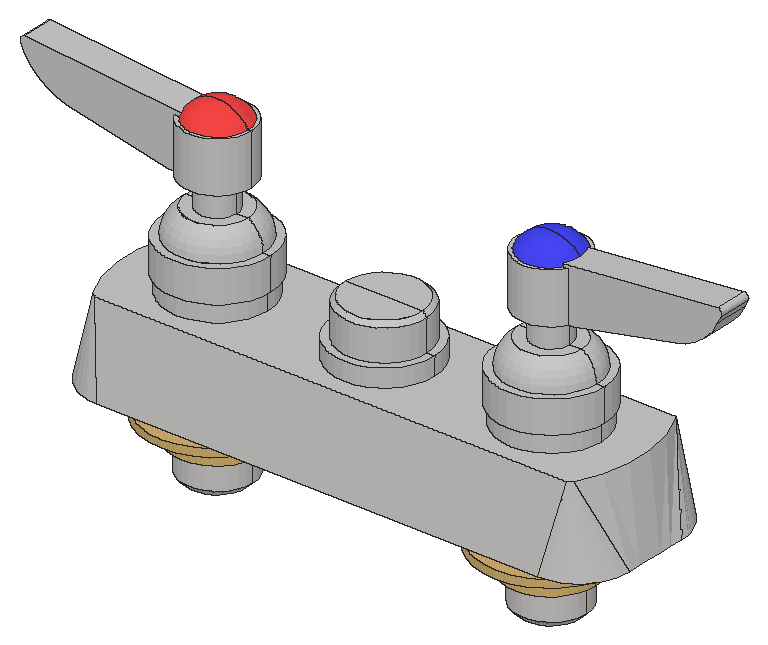
Revit family "QF_T&S_B-1110-LN", category Specialty Equipment, Revit 2012
Parameters
  Weight in Pounds = 0
  Watermarked By = "http://revitwatermark.com"
  Water Supply Radius = 1/4"  # constant formula
  URL Cutsheet = ""
  URL = "http://www.tsbrass.com/"
  Specification by User = ""
  Specification by Manufacturer = ""
  Serial Number = ""
  Seismic Rating = ""
  SMACNA No = ""
  Revision Code = ""
  Product Page URL = "http://www.tsbrass.com/index.cfm?page=SearchProduct&ID=609"
  Product Documentation Link = ""
  Plumbing Remarks = "Pressure: 20 - 125 psi, Temperature: 40 °F - 140 °F, Flow Rate: 11.90 GPM @ 60 psi. Outlet device &/or final configuration may reduce flow rate."
  NAFEM Spec ID Number = ""
  Model = "B-1110-LN"  # constant formula
  Masterspec = ""
  Manufacturer Phone = ""
  Manufacturer Fax = ""
  Manufacturer Email = ""
  Manufacturer Address = ""
  Manufacturer = "T&S Brass and Bronze Works, Inc."  # constant formula
  Item Number = ""
  Installed By = ""
  Identify Quantity as Lot = yes
  Hot Water Temperature = 140 °F
  Hot Water Size = Water Supply Radius * 2  # 1/2"
  Hot Water RI Height = 0"
  Hot Water Minimum Pressure = 20.00 psi
  Hot Water Maximum Pressure = 125.00 psi
  Hot Water Inlet Flow = 11.90 GPM
  Hot Water Flow = Hot Water Inlet Flow  # 11.90 GPM
  Hot Water Consumption = Hot Water Inlet Flow  # 11.90 GPM
  Hot Water Connection Height = 0"
  Furnished By = ""
  Foodservice Equipment Identifier = yes
  Faucet Material [instance] = QF_Metal-Stainless-Polished
  Description = "4'' Deck Mount Workboard Faucet, Lever Handles & 1/2'' NPT Male Inlets, Less Nozzle"  # constant formula
  Connector 2 Description = "Hot Water Inlet"
  Connector 1 Description = "Cold Water Inlet"
  Cold Water Temperature Recommended = 40 °F
  Cold Water Size = Water Supply Radius * 2  # 1/2"
  Cold Water RI Height = 0"
  Cold Water Minimum Pressure = 20.00 psi
  Cold Water Maximum Pressure = 125.00 psi
  Cold Water Inlet Flow = 11.90 GPM
  Cold Water Flow = Cold Water Inlet Flow  # 11.90 GPM
  Cold Water Consumption = "11.900 GPM"
  Cold Water Connection Height = 0"
  CSI MasterFormat = ""
  Assembly Code = ""
Reference planes (in)
  plane 1 "Center (Front/Back)": y = -0.65625
  plane 2: z = 0
  plane 3 "Center (Left/Right)": x = 1.46875
  plane 4: x = 5.6875
  plane 5: x = -2.75
  plane 6: y = 1.34375
  plane 7: z = 3.0625
  plane 8: y = 0.34375
  plane 9: x = -1.78125
  plane 10: x = 4.71875
  plane 11: y = -5.65625
  plane 12: z = 5.9375
Dimensions and locks (in)
  plane 7 to level = 3 1/16"
  equal spacing: plane 5, plane 3 "Center (Left/Right)", plane 4
  equal spacing: plane 1 "Center (Front/Back)", plane 8, plane 6
  plane 5 to plane 4 = 8 7/16"
  plane 1 "Center (Front/Back)" to plane 6 = 2"
  plane 9 to plane 10 = 6 1/2"
  plane 11 to plane 8 = 6"
  plane 12 to level = 5 15/16"
  aligned and locked: plane 2 to level
Nested families (in)
  nested 1: "T&S_B-1110" at (0, 0, 0), Faucet Material <- "Faucet Material", type "T&S_B-1110"
    with Faucet Material QF_Metal-Stainless-Polished
Connectors (in)
  piping at (3.46875, 0.34375, -1.00077), driven by "Water Supply Radius", driven by "Connector 1 Description"
    settings: on nested 1, index 1, connector radius 1/4", flow factor 0, pipe flow 0.00 GPM, pressure drop 0.00 psi, fitting loss kfactor 0, connector angle 0.00°, fixture units 0, engagement length 0", flow configuration 1, flow direction 1, fitting loss method 0, system type 20, joint type 0, gender type 0, connector reference index -1, connector utility 0, adjustable connector no, is connector primary yes, fitting loss table "", connector description "Cold Water Inlet"
  piping at (-0.53125, 0.34375, -1.00077), driven by "Water Supply Radius", driven by "Connector 2 Description"
    settings: on nested 1, index 2, connector radius 1/4", flow factor 0, pipe flow 0.00 GPM, pressure drop 0.00 psi, fitting loss kfactor 0, connector angle 0.00°, fixture units 0, engagement length 0", flow configuration 1, flow direction 1, fitting loss method 0, system type 19, joint type 0, gender type 0, connector reference index -1, connector utility 0, adjustable connector no, is connector primary no, fitting loss table "", connector description "Hot Water Inlet"
Definition of nested family "T&S_B-1110"
  Parameters (values of type "T&S_B-1110")
    Weight in Pounds = 0
    Watermarked By = "http://revitwatermark.com"
    Water Supply Radius = 1/4"  # constant formula
    URL Cutsheet = ""
    URL = "http://www.tsbrass.com/"
    Spray Valve Flow Rate = 1.42 GPM
    Specification by User = ""
    Specification by Manufacturer = ""
    Serial Number = ""
    Seismic Rating = ""
    SMACNA No = ""
    Revision Code = ""
    Product Page URL = "http://www.tsbrass.com/index.cfm?page=SearchProduct&ID=609"
    Product Documentation Link = ""
    Plumbing Remarks = "Pressure: 20 - 125 psi, Temperature: 40 F - 160 F, Flow Rate: 1.42 GPM @ 60 psi"
    NAFEM Spec ID Number = ""
    Model = ""
    Masterspec = ""
    Manufacturer Phone = ""
    Manufacturer Fax = ""
    Manufacturer Email = ""
    Manufacturer Address = ""
    Manufacturer = "T&S Brass and Bronze Works, Inc."  # constant formula
    Item Number = ""
    Installed By = ""
    Identify Quantity as Lot = yes
    Hot Water Temperature = 140 °F
    Hot Water Size = Water Supply Radius * 2  # 1/2"
    Hot Water RI Height = 0"
    Hot Water Minimum Pressure = 20.00 psi
    Hot Water Maximum Pressure = 125.00 psi
    Hot Water Inlet Flow = 1.42 GPM
    Hot Water Flow = Hot Water Inlet Flow  # 1.42 GPM
    Hot Water Consumption = Hot Water Inlet Flow  # 1.42 GPM
    Hot Water Connection Height = 0"
    Furnished By = ""
    Foodservice Equipment Identifier = yes
    Faucet Material [instance] = Metal-T&S Brass-Chrome Plated Brass
    Description = ""
    Connector 2 Description = "Hot Water Inlet"
    Connector 1 Description = "Cold Water Inlet"
    Cold Water Temperature Recommended = 40 °F
    Cold Water Size = Water Supply Radius * 2  # 1/2"
    Cold Water RI Height = 0"
    Cold Water Minimum Pressure = 20.00 psi
    Cold Water Maximum Pressure = 125.00 psi
    Cold Water Inlet Flow = 1.42 GPM
    Cold Water Flow = Cold Water Inlet Flow  # 1.42 GPM
    Cold Water Consumption = "1.420 GPM"
    Cold Water Connection Height = 0"
    CSI MasterFormat = ""
    Assembly Code = ""
  Reference planes (in)
    plane 1 "Center (Front/Back)": y = -0.65625
    plane 2: z = 0
    plane 3 "Center (Left/Right)": x = 1.46875
    plane 4: x = 5.6875
    plane 5: x = -2.75
    plane 6: y = 1.34375
    plane 7: z = 3.0625
    plane 8: y = 0.34375
    plane 9: x = -1.78125
    plane 10: x = 4.71875
    plane 11: x = -0.53125
    plane 12: x = 3.46875
  Forms (in)
    Revolve 1, solid, material "Metal-T&S Brass-Chrome Plated Brass" <- "Faucet Material"
      sketch origin (1.46875, 0.34375, -0.5275) x (-1, 0, 0) y (0, 0, 1)
        loop
          line (2, 2.775) -> (2, 1.5275) -> (2.60645, 1.5275) -> (2.60645, 1.74118) -> (2.64346, 1.74118) -> (2.64346, 2.12827) -> (2.54865, 2.12827)
          arc (2.54865, 2.12827) -> (2.49764, 2.30482) -> (2.37097, 2.43795) r 0.3871
          line (2.37097, 2.43795) -> (2.22916, 2.43795) -> (2.22916, 2.775) -> (2, 2.775)
        axis (2, 2.775) -> (2, 1.5275)
      angle from 0 to 360
    Revolve 2, solid, material "Metal-T&S Brass-Chrome Plated Brass" <- "Faucet Material"
      sketch origin (1.46875, 0.34375, -0.5275) x (1, 0, 0) y (0, 0, 1)
        loop
          line (2, 2.775) -> (2, 1.5275) -> (2.60645, 1.5275) -> (2.60645, 1.74118) -> (2.64346, 1.74118) -> (2.64346, 2.12827) -> (2.54865, 2.12827)
          arc (2.54865, 2.12827) -> (2.49764, 2.30482) -> (2.37097, 2.43795) r 0.3871
          line (2.37097, 2.43795) -> (2.22916, 2.43795) -> (2.22916, 2.775) -> (2, 2.775)
        axis (2, 2.775) -> (2, 1.5275)
      angle from 0 to 360
    Revolve 3, solid, material "QF_Metal-Brass", detail levels fine
      sketch origin (1.61204, 0.34375, -2.07558) x (-1, 0, 0) y (0, 0, 1)
        loop
          line (2.14329, 1.849) -> (2.14329, 1.49906) -> (2.68059, 1.49906) -> (2.68059, 1.75713) -> (2.982, 1.75713) -> (2.982, 1.849) -> (2.14329, 1.849)
        axis (2.14329, 1.49906) -> (2.14329, 1.849)
      angle from 0 to 360
    Revolve 4, solid, material "Metal-T&S Brass-Chrome Plated Brass" <- "Faucet Material", detail levels fine
      sketch origin (1.61204, 0.34375, -2.07558) x (-1, 0, 0) y (0, 0, 1)
        loop
          line (2.56564, 1.849) -> (2.56564, 2.07558) -> (2.14329, 2.07558) -> (2.14329, 1.849) -> (2.56564, 1.849)
        loop
          line (2.14329, 1.0748) -> (2.48298, 1.0748) -> (2.56564, 1.15746) -> (2.56564, 1.49906) -> (2.14329, 1.49906) -> (2.14329, 1.0748)
        axis (2.14329, 1.0748) -> (2.14329, 2.07558)
      angle from 0 to 360
    Revolve 5, solid, material "QF_Metal-Brass", detail levels fine
      sketch origin (1.32546, 0.34375, -2.07558) x (1, 0, 0) y (0, 0, 1)
        loop
          line (2.14329, 1.849) -> (2.14329, 1.49906) -> (2.68059, 1.49906) -> (2.68059, 1.75713) -> (2.982, 1.75713) -> (2.982, 1.849) -> (2.14329, 1.849)
        axis (2.14329, 1.49906) -> (2.14329, 1.849)
      angle from 0 to 360
    Revolve 6, solid, material "Metal-T&S Brass-Chrome Plated Brass" <- "Faucet Material", detail levels fine
      sketch origin (1.32546, 0.34375, -2.07558) x (1, 0, 0) y (0, 0, 1)
        loop
          line (2.56564, 1.849) -> (2.56564, 2.07558) -> (2.14329, 2.07558) -> (2.14329, 1.849) -> (2.56564, 1.849)
        loop
          line (2.14329, 1.0748) -> (2.48298, 1.0748) -> (2.56564, 1.15746) -> (2.56564, 1.49906) -> (2.14329, 1.49906) -> (2.14329, 1.0748)
        axis (2.14329, 1.0748) -> (2.14329, 2.07558)
      angle from 0 to 360
    Blend 7, solid, material "Metal-T&S Brass-Chrome Plated Brass" <- "Faucet Material"
      base sketch origin (0, 0, 0) x (1, 0, 0) y (0, 1, 0)
        loop
          arc (-1.17187, 1.34375) -> (-1.60277, 1.16527) -> (-1.78125, 0.73437) r 0.60938
          line (-1.78125, 0.73437) -> (-1.78125, -0.04688)
          arc (-1.78125, -0.04688) -> (-1.60277, -0.47777) -> (-1.17187, -0.65625) r 0.60938
          line (-1.17187, -0.65625) -> (4.10938, -0.65625)
          arc (4.10938, -0.65625) -> (4.54027, -0.47777) -> (4.71875, -0.04688) r 0.60938
          line (4.71875, -0.04688) -> (4.71875, 0.73437)
          arc (4.71875, 0.73437) -> (4.54027, 1.16527) -> (4.10938, 1.34375) r 0.60938
          line (4.10938, 1.34375) -> (-1.17187, 1.34375)
      top sketch origin (0, 0, 0) x (1, 0, 0) y (0, 1, 0)
        loop
          arc (-1.3551, 1.14601) -> (-1.38916, 1.13669) -> (-1.41374, 1.11132) r 0.0669
          arc (-1.41374, 1.11132) -> (-1.61062, 0.34373) -> (-1.41359, -0.42382) r 1.59412
          arc (-1.41359, -0.42382) -> (-1.3892, -0.44899) -> (-1.35539, -0.45824) r 0.06641
          line (-1.35539, -0.45824) -> (4.29289, -0.45824)
          arc (4.29289, -0.45824) -> (4.3267, -0.44899) -> (4.35109, -0.42382) r 0.06641
          arc (4.35109, -0.42382) -> (4.54812, 0.34388) -> (4.35109, 1.11158) r 1.59412
          arc (4.35109, 1.11158) -> (4.3267, 1.13676) -> (4.29289, 1.14601) r 0.06641
          line (4.29289, 1.14601) -> (-1.3551, 1.14601)
      from 0 to 1
    Revolve 8, solid, material "Metal-T&S Brass-Chrome Plated Brass" <- "Faucet Material"
      sketch origin (2.04349, 0.34375, -0.51657) x (-1, 0, 0) y (0, 0, 1)
        loop
          line (0.57474, 2.16096) -> (0.57474, 1.51657) -> (1.18119, 1.51657) -> (1.18119, 1.73025) -> (1.08534, 1.73025) -> (1.08534, 2.10935) -> (1.03373, 2.16096) -> (0.57474, 2.16096)
        axis (0.57474, 2.16096) -> (0.57474, 1.51657)
      angle from 0 to 360
  Lines and regions (in)
    symbolic lines
      curve 1: arc (-1.78125, 0.73437, 0) -> (-1.60277, 1.16527, 0) -> (-1.17187, 1.34375, 0) r 0.60938
      curve 2: line (-1.17187, 1.34375, 0) -> (4.10938, 1.34375, 0)
      curve 3: arc (-1.17187, -0.65625, 0) -> (-1.60277, -0.47777, 0) -> (-1.78125, -0.04688, 0) r 0.60938
      curve 4: line (-1.78125, 0.73437, 0) -> (-1.78125, 0.51099, 0)
      curve 5: line (4.10938, -0.65625, 0) -> (-1.17187, -0.65625, 0)
      curve 6: line (-1.78125, 0.17651, 0) -> (-1.78125, -0.04688, 0)
      curve 7: arc (-1.41374, 1.11132, 0) -> (-1.53682, 0.8233, 0) -> (-1.60122, 0.51678, 0) r 1.59412
      curve 8: arc (-1.3551, 1.14601, 0) -> (-1.38916, 1.13669, 0) -> (-1.41374, 1.11132, 0) r 0.0669
      curve 9: line (4.2926, 1.14601, 0) -> (-1.3551, 1.14601, 0)
      curve 10: line (-1.35539, -0.45824, 0) -> (4.29289, -0.45824, 0)
      curve 11: arc (-1.41359, -0.42382, 0) -> (-1.3892, -0.44899, 0) -> (-1.35539, -0.45824, 0) r 0.06641
      curve 12: arc (-1.60119, 0.17072, 0) -> (-1.53674, -0.13581, 0) -> (-1.41359, -0.42382, 0) r 1.59412
      curve 13: arc (4.71875, 0.73437, 0) -> (4.54027, 1.16527, 0) -> (4.10938, 1.34375, 0) r 0.60938
      curve 14: arc (4.10938, -0.65625, 0) -> (4.54027, -0.47777, 0) -> (4.71875, -0.04688, 0) r 0.60938
      curve 15: line (4.71875, 0.73437, 0) -> (4.71875, 0.51099, 0)
      curve 16: line (4.71875, 0.17651, 0) -> (4.71875, -0.04688, 0)
      curve 17: arc (4.35124, 1.11132, 0) -> (4.47432, 0.8233, 0) -> (4.53872, 0.51678, 0) r 1.59412
      curve 18: arc (4.2926, 1.14601, 0) -> (4.32666, 1.13669, 0) -> (4.35124, 1.11132, 0) r 0.0669
      curve 19: arc (4.35109, -0.42382, 0) -> (4.3267, -0.44899, 0) -> (4.29289, -0.45824, 0) r 0.06641
      curve 20: arc (4.53869, 0.17072, 0) -> (4.47424, -0.13581, 0) -> (4.35109, -0.42382, 0) r 1.59412
      curve 21: arc (-1.11091, 0.53253, 0) -> (-0.04712, 0.34375, 0) -> (-1.11091, 0.15497, 0) r 0.54865
      curve 22: arc (-1.21316, 0.52924, 0) -> (0.04889, 0.34375, 0) -> (-1.21316, 0.15826, 0) r 0.64466
      curve 23: arc (4.04841, 0.53253, 0) -> (2.98462, 0.34375, 0) -> (4.04841, 0.15497, 0) r 0.54865
      curve 24: arc (4.15066, 0.52924, 0) -> (2.88861, 0.34375, 0) -> (4.15066, 0.15826, 0) r 0.64466
      curve 25: circle (1.46875, 0.34375, 0) r 0.51061 normal (0, 0, 1)
      curve 26: circle (1.46875, 0.34375, 0) r 0.60645 normal (0, 0, 1)
      curve 27: line (-0.87889, 0.53998, 0) -> (-2.75, 0.47987, 0)
      curve 28: line (-2.75, 0.47987, 0) -> (-2.75, 0.20763, 0)
      curve 29: line (-0.87889, 0.14752, 0) -> (-2.75, 0.20763, 0)
      curve 30: line (-0.87889, 0.53998, 0) -> (-0.87889, 0.14752, 0)
      curve 31: line (3.81639, 0.53998, 0) -> (5.6875, 0.47987, 0)
      curve 32: line (5.6875, 0.47987, 0) -> (5.6875, 0.20763, 0)
      curve 33: line (3.81639, 0.14752, 0) -> (5.6875, 0.20763, 0)
      curve 34: line (3.81639, 0.53998, 0) -> (3.81639, 0.14752, 0)
      curve 35: arc (-0.94442, 0.14962, 0) -> (-0.19671, 0.34375, 0) -> (-0.94442, 0.53788, 0) r 0.39906
      curve 36: arc (3.88192, 0.14962, 0) -> (3.13421, 0.34375, 0) -> (3.88192, 0.53788, 0) r 0.39906
  Dimensions and locks (in)
    plane 7 to level = 3 1/16"  (x2)
    equal spacing: plane 5, plane 3 "Center (Left/Right)", plane 4
    equal spacing: plane 1 "Center (Front/Back)", plane 8, plane 6
    plane 5 to plane 4 = 8 7/16"
    plane 1 "Center (Front/Back)" to plane 6 = 2"
    plane 9 to plane 10 = 6 1/2"
    plane 12 to plane 11 = 4"
    aligned and locked: plane 2 to level
  Automatic sketch dimensions
    Revolve 1 sketch curve to Revolve 1 sketch curve = 0.14181"
    Revolve 1 sketch curve to Revolve 1 sketch curve = 0.17768"
    Revolve 1 sketch curve to plane 9 = 0.64355"
    Revolve 1 sketch curve to Revolve 1 sketch curve = 0.09482"
    Revolve 1 sketch curve to level = 1"
    Revolve 1 sketch curve to Revolve 1 sketch curve = 0.21368"
    Revolve 1 sketch curve to Revolve 1 sketch curve = 0.371"
    Revolve 1 sketch curve to Revolve 1 sketch curve = 0.01609"
    Revolve 1 sketch curve to Revolve 1 sketch curve = 0.33705"
    Revolve 1 sketch curve to Revolve 1 sketch curve = 0.21866"
    Revolve 1 sketch curve to Revolve 1 sketch curve = 0.10538"
    Revolve 2 sketch curve to Revolve 2 sketch curve = 0.14181"
    Revolve 2 sketch curve to Revolve 2 sketch curve = 0.17768"
    Revolve 2 sketch curve to plane 10 = 0.64355"
    Revolve 2 sketch curve to Revolve 2 sketch curve = 0.09482"
    level to Revolve 2 sketch curve = 1"
    Revolve 2 sketch curve to Revolve 2 sketch curve = 0.21368"
    Revolve 2 sketch curve to Revolve 2 sketch curve = 0.371"
    Revolve 2 sketch curve to Revolve 2 sketch curve = 0.01609"
    Revolve 2 sketch curve to Revolve 2 sketch curve = 0.33705"
    Revolve 2 sketch curve to Revolve 2 sketch curve = 0.21866"
    Revolve 2 sketch curve to Revolve 2 sketch curve = 0.10538"
    Revolve 3 sketch curve to Revolve 3 sketch curve = 0"  (x2)
    Revolve 3 sketch curve to Revolve 3 sketch curve = 0.30141"
    level to Revolve 3 sketch curve = 0.57652"
    level to Revolve 3 sketch curve = 0.31845"
    level to Revolve 3 sketch curve = 29/128"
    Revolve 3 sketch curve to level = 0.59857"
    Revolve 4 sketch curve to level = 0"
    Revolve 4 sketch curve to Revolve 4 sketch curve = 0"  (x3)
    level to Revolve 4 sketch curve = 29/128"
    Revolve 4 sketch curve to Revolve 4 sketch curve = 0.34994"
    Revolve 4 sketch curve to Revolve 4 sketch curve = 0.3416"
    Revolve 4 sketch curve to Revolve 4 sketch curve = 0.42426"
    Revolve 4 sketch curve to Revolve 4 sketch curve = 0.59857"
    Revolve 5 sketch curve to Revolve 5 sketch curve = 0"  (x2)
    Revolve 5 sketch curve to Revolve 5 sketch curve = 0.30141"
    Revolve 5 sketch curve to level = 0.57652"
    Revolve 5 sketch curve to level = 0.31845"
    Revolve 5 sketch curve to level = 29/128"
    level to Revolve 5 sketch curve = 0.59857"
    Revolve 6 sketch curve to level = 0"
    Revolve 6 sketch curve to Revolve 6 sketch curve = 0"  (x3)
    Revolve 6 sketch curve to level = 29/128"
    Revolve 6 sketch curve to Revolve 6 sketch curve = 0.34994"
    Revolve 6 sketch curve to Revolve 6 sketch curve = 0.3416"
    Revolve 6 sketch curve to Revolve 6 sketch curve = 0.42426"
    Revolve 6 sketch curve to Revolve 6 sketch curve = 0.59857"
    plane 9 to Blend 7 sketch curve = 0.36751"
    Blend 7 sketch curve to Blend 7 sketch curve = 0"  (x3)
    Blend 7 sketch curve to plane 1 "Center (Front/Back)" = 0.23243"
    plane 9 to Blend 7 sketch curve = 0.36766"
    Blend 7 sketch curve to Blend 7 sketch curve = 0.0582"  (x3)
    Blend 7 sketch curve to Blend 7 sketch curve = 0.05864"
    plane 8 to Blend 7 sketch curve = 0.00013"  (x2)
    Blend 7 sketch curve to plane 10 = 0.42586"  (x2)
    Blend 7 sketch curve to plane 9 = 0"
    plane 1 "Center (Front/Back)" to Blend 7 sketch curve = 0"
    Blend 7 sketch curve to plane 6 = 0"
    Blend 7 sketch curve to plane 10 = 0"
    plane 8 to Blend 7 sketch curve = 25/64"
    Revolve 8 sketch curve to plane 3 "Center (Left/Right)" = 0"  (x2)
    plane 3 "Center (Left/Right)" to Revolve 8 sketch curve = 0.45899"
    Revolve 8 sketch curve to Revolve 8 sketch curve = 0.41747"
    Revolve 8 sketch curve to Revolve 8 sketch curve = 0.22692"
    plane 7 to Revolve 8 sketch curve = 0.54683"
    Revolve 8 sketch curve to Revolve 8 sketch curve = 0.09585"
    Revolve 8 sketch curve to Revolve 8 sketch curve = 0.21368"
    Revolve 8 sketch curve to level = 1"
    Revolve 8 sketch curve to Revolve 8 sketch curve = 0.05161"  (x2)
    curve 7 to curve 12 = 0"  (x2)
    curve 17 to curve 20 = 0"  (x3)
    curve 21 to curve 22 = 0"  (x2)
    curve 21 to curve 35 = 0"  (x2)
    curve 23 to curve 24 = 0"  (x3)
    curve 23 to curve 36 = 0"  (x2)
    curve 24 to curve 36 = 0"  (x2)
    curve 25 to curve 26 = 0"  (x2)
    curve 28 to plane 5 = 0"
    curve 6 to plane 9 = 0"
    curve 1 to plane 9 = 0"
    plane 1 "Center (Front/Back)" to curve 3 = 0"
    curve 2 to plane 6 = 0"
    curve 21 to plane 8 = 0"
    curve 26 to plane 3 "Center (Left/Right)" = 0"
    curve 24 to plane 8 = 0"
    curve 15 to plane 10 = 0"
    curve 14 to plane 10 = 0"
    curve 32 to plane 4 = 0"
    curve 25 to plane 8 = 0"
    plane 9 to curve 7 = 0.18003"
    plane 9 to curve 12 = 0.18006"
    plane 9 to curve 8 = 0.36751"
    curve 7 to curve 8 = 0"
    plane 9 to curve 11 = 0.36766"
    curve 12 to curve 11 = 0"
    curve 12 to curve 11 = 0.0582"
    curve 8 to curve 8 = 0.05864"
    curve 22 to plane 8 = 0.18549"
    curve 12 to curve 22 = 0.38803"
    plane 8 to curve 22 = 0.18549"
    curve 10 to curve 3 = 0.18352"
    curve 8 to curve 2 = 0.18322"
    curve 22 to curve 21 = 0.10225"  (x2)
    curve 21 to curve 35 = 0.16649"
    curve 35 to curve 29 = 0.06553"
    plane 8 to curve 7 = 0.00013"
    plane 8 to curve 17 = 0.00013"
    curve 33 to curve 36 = 0.06553"
    curve 31 to curve 36 = 0.06553"
    curve 36 to curve 23 = 0.16649"  (x2)
    curve 23 to curve 14 = 0.06096"
    curve 23 to curve 24 = 0.10225"
    curve 2 to curve 18 = 0.18322"
    curve 14 to curve 19 = 0.18352"
    curve 19 to curve 20 = 0.0582"
    curve 19 to curve 20 = 0"
    curve 18 to curve 18 = 0.05864"
    curve 17 to curve 18 = 0"
    curve 20 to plane 8 = 0.17303"
    curve 20 to curve 16 = 0.18006"
    curve 33 to plane 8 = 0.19623"
    curve 21 to plane 11 = 0.06452"
    curve 21 to curve 7 = 0.57927"
    Revolve 1 sketch curve to Revolve 1 sketch curve = 0.05781"
    plane 11 to Revolve 1 sketch curve = 0.16188"
    plane 11 to Revolve 1 sketch curve = 0"  (x2)
    Revolve 3 sketch curve to plane 11 = 0"
    plane 11 to Revolve 3 sketch curve = 0.5373"
    Revolve 4 sketch curve to plane 11 = 0"  (x2)
    plane 11 to Revolve 4 sketch curve = 0.33969"
    plane 11 to Revolve 4 sketch curve = 0.42235"
    plane 9 to Blend 7 sketch curve = 39/64"
    plane 11 to Blend 7 sketch curve = 0.51475"
    plane 12 to curve 17 = 0.51475"
    curve 24 to plane 12 = 0.06452"
    curve 23 to curve 34 = 0.28313"
    curve 2 to plane 10 = 39/64"
    Revolve 2 sketch curve to Revolve 2 sketch curve = 0.05781"
    Revolve 2 sketch curve to plane 12 = 0.16188"
    Revolve 2 sketch curve to plane 12 = 0"  (x2)
    Revolve 5 sketch curve to plane 12 = 0"
    Revolve 5 sketch curve to plane 12 = 0.5373"
    Revolve 6 sketch curve to plane 12 = 0"
    plane 12 to Revolve 6 sketch curve = 0"
    Revolve 6 sketch curve to plane 12 = 0.33969"
    Revolve 6 sketch curve to plane 12 = 0.42235"
    Blend 7 sketch curve to plane 10 = 39/64"  (x2)
    plane 12 to Blend 7 sketch curve = 0.51475"
    radius of curve 25 = 0.51061"
    radius of curve 26 = 0.60645"
  Nested families (in)
    nested 1: "Handle-T&S-Lever" at (3.46875, 0.34375, 2.2475), type "Handle-T&S-Lever"
      with Handle Color Plastic-T&S Brass-Blue
    nested 2: "Handle-T&S-Lever" at (-0.53125, 0.34375, 2.2475) x (-1, 0, 0) z (0, 0, 1), type "Handle-T&S-Lever"
      with Handle Color Plastic-T&S Brass-Red
  Definition of nested family "Handle-T&S-Lever"
    Parameters (values of type "Handle-T&S-Lever")
      Watermarked By = "http://revitwatermark.com"
      Type Comments = "﻿﻿                    ﻿﻿  ​               ​                      ﻿               ﻿      ﻿     ﻿         ​​  ​​           ﻿                             ﻿             ​                  ﻿﻿                                         ﻿          ﻿         ​              ﻿   ​﻿     ﻿      ​​       ﻿              ﻿              ​                                       ﻿﻿"
      Keynote = "﻿﻿                    ﻿﻿  ​               ​                      ﻿               ﻿      ﻿     ﻿         ​​  ​​           ﻿                             ﻿             ​                  ﻿﻿                                         ﻿          ﻿         ​              ﻿   ​﻿     ﻿      ​​       ﻿              ﻿              ​                                       ﻿﻿"
      Handle Color [instance] = Plastic-T&S Brass-Blue
      Faucet Material = Metal-T&S Brass-Chrome Plated Brass
      Description = "﻿﻿                    ﻿﻿  ​               ​                      ﻿               ﻿      ﻿     ﻿         ​​  ​​           ﻿                             ﻿             ​                  ﻿﻿                                         ﻿          ﻿         ​              ﻿   ​﻿     ﻿      ​​       ﻿              ﻿              ​                                       ﻿﻿"
      Assembly Code = "﻿﻿                    ﻿﻿  ​               ​                      ﻿               ﻿      ﻿     ﻿         ​​  ​​           ﻿                             ﻿             ​                  ﻿﻿                                         ﻿          ﻿         ​              ﻿   ​﻿     ﻿      ​​       ﻿              ﻿              ​                                       ﻿﻿"
    Reference planes (in)
      plane 1 "Center (Front/Back)": y = 0
      plane 2: z = 0
      plane 3 "Center (Left/Right)": x = 0
      plane 4 "Top": z = 0.815
    Forms (in)
      Revolve 1, solid, material "Plastic-T&S Brass-Blue" <- "Handle Color"
        sketch origin (-4, 0, -2.81) x (1, 0, 0) y (0, 0, 1)
          loop
            line (4, 3.625) -> (4, 3.41763) -> (4.3654, 3.41763)
            arc (4.3654, 3.41763) -> (4.21125, 3.57163) -> (4, 3.625) r 0.41035
          axis (4, 3.625) -> (4, 3.41763)
        angle from 0 to 360
      Extrusion 2, solid, material "Metal-T&S Brass-Chrome Plated Brass" <- "Faucet Material"
        sketch origin (-4, 0, -2.81) x (1, 0, 0) y (0, 0, 1)
          loop
            line (4.19019, 3.44455) -> (4.19019, 2.81) -> (4.42301, 2.81) -> (5.64702, 3.07071)
            arc (5.64702, 3.07071) -> (5.94747, 3.20934) -> (6.15903, 3.46376) r 0.75
            line (6.15903, 3.46376) -> (6.20024, 3.54465)
            arc (6.20024, 3.54465) -> (6.19781, 3.60046) -> (6.14872, 3.62711) r 0.05671
            line (6.14872, 3.62711) -> (4.19019, 3.44455)
        from -0.19531 to 0.19531
      Revolve 3, solid, material "Metal-T&S Brass-Chrome Plated Brass" <- "Faucet Material"
        sketch origin (0, 0, 0) x (1, 0, 0) y (0, 0, 1)
          loop
            line (0, 0.60763) -> (0, 0) -> (0.40625, 0) -> (0.40625, 0.60763) -> (0, 0.60763)
          axis (0, 0) -> (0, 0.60763)
        angle from 0 to 360
    Lines and regions (in)
      Masking region 1, detail levels medium+fine
        outline origin (0, 0, 0.815) x (-1, 0, 0) y (0, -1, 0)
          loop
            arc (-0.34637, -0.19922) -> (0.39957, 0) -> (-0.34637, 0.19922) r 0.39957
            line (-0.34637, 0.19922) -> (-2.20859, 0.13419) -> (-2.20859, 0) -> (-2.20859, -0.13419) -> (-0.34637, -0.19922)
      symbolic lines, detail levels fine
        curve 1: line (0.19019, 0.19922, 0) -> (0.19019, -0.19922, 0)
        curve 2: line (0.34637, 0.19922, 0) -> (0.19019, 0.19922, 0)
        curve 3: line (0.19019, -0.19922, 0) -> (0.34637, -0.19922, 0)
    Dimensions and locks (in)
      Revolve 3 sketch curve to plane 3 "Center (Left/Right)" = 13/32"
      radius of Masking region 1 sketch curve = 0.39957"
      aligned and locked: plane 2 to level
      aligned and locked: plane 3 "Center (Left/Right)" to Revolve 3 sketch curve
